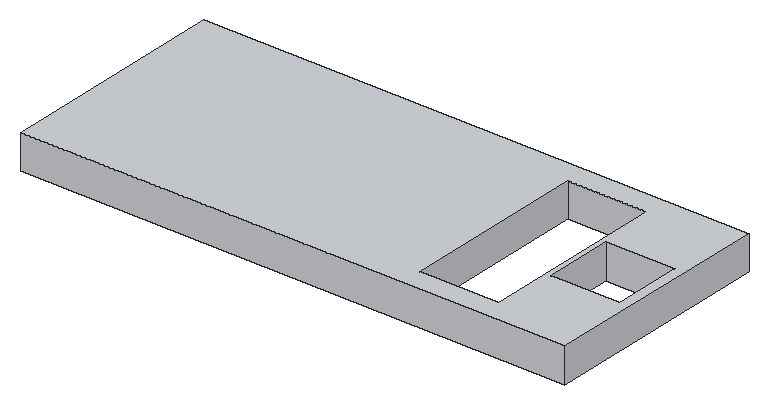
Revit family "G805-002 CAB50A", category Mechanical Equipment, Revit 2012
Parameters (values of type "8 TON")
  URL = "http://desert-aire.com/"
  Type Comments = "NON PACKAGED"
  Outdoor Unit = yes
  Model = "G805-002"
  Manufacturer = "DESERT AIRE"
  Description = "DOWN FLOW UNIT"
  Curb Height = 0' - 8"
  Cost = 0
Reference planes (in)
  plane 1: y = 0
  plane 2: z = 0
  plane 3: x = 0
  plane 4: z = 8
  plane 5: z = 69.925
  plane 6: z = 35.71438
Forms (in)
  Extrusion 1, solid
    sketch origin (0, 0, 0) x (1, 0, 0) y (0, 1, 0)
      loop
        line (-42.67228, 26.44436) -> (-42.67228, -26.68064) -> (83.82772, -26.68064) -> (83.82772, 26.44436) -> (-42.67228, 26.44436)
      loop
        line (46.0582, -21.60363) -> (64.39022, -21.60363) -> (64.39022, 21.39637) -> (46.0582, 21.39637) -> (46.0582, -21.60363)
      loop
        line (81.63904, -8.10363) -> (81.63904, 7.89637) -> (65.62237, 7.89637) -> (65.62237, -8.10363) -> (81.63904, -8.10363)
    from 0 to 8
Dimensions and locks (in)
  "Curb Height": plane 4 to plane 2
  locked: plane 5 to plane 4 at 61.925
  locked: plane 5 to plane 6 at 34.21062
  aligned and locked: plane 4 to Extrusion 1
  aligned and locked: plane 4 to import instance
  aligned and locked: plane 5 to import instance
  aligned and locked: plane 6 to import instance
  aligned and locked: import instance to import instance  (x2)
Automatic sketch dimensions
  Extrusion 1 sketch curve to plane 3 = 3' - 6.67228"
  plane 3 to Extrusion 1 sketch curve = 3' - 10.0582"
  Extrusion 1 sketch curve to Extrusion 1 sketch curve = 1' - 6 85/256"
  Extrusion 1 sketch curve to Extrusion 1 sketch curve = 0' - 1.23215"
  Extrusion 1 sketch curve to Extrusion 1 sketch curve = 1' - 4.01666"
  Extrusion 1 sketch curve to Extrusion 1 sketch curve = 0' - 2.18869"
  plane 1 to Extrusion 1 sketch curve = 2' - 2.68064"
  plane 1 to Extrusion 1 sketch curve = 1' - 9.60363"
  plane 1 to Extrusion 1 sketch curve = 0' - 8.10363"
  Extrusion 1 sketch curve to plane 1 = 0' - 7.89637"
  Extrusion 1 sketch curve to plane 1 = 1' - 9.39637"
  Extrusion 1 sketch curve to plane 1 = 2' - 2.44436"
Connectors (in)
  piping at (5.58395, 0.13787, 0)
    settings: on Extrusion 1, index 7, connector radius 1/2", flow factor 0, pipe flow 0 GPM, pressure drop 0.00 psi, fitting loss kfactor 0, connector angle 0.00°, fixture units 0, engagement length 0' - 0", flow configuration 0, flow direction 0, fitting loss method 0, system type 22, joint type 0, gender type 0, connector reference index -1, connector utility 0, adjustable connector no, is connector primary yes, fitting loss table "", connector description "BOTTOM CONDENSATE"
  electrical at (88.41902, -25.00678, 64.14815)
    settings: on import instance, index 38, voltage 0 V, apparent load 0 VA, apparent load phase1 0 VA, apparent load phase2 0 VA, apparent load phase3 0 VA, power factor 1, load classification "Other", number of poles 1, system type 30, power factor state 1, is connector primary yes, connector utility no, sub classification motor no, connector description "OPTIONAL DISCONNECT LOCATION"
  piping at (19.98976, -30.66363, 13.11463)
    settings: on import instance, index 39, connector radius 1/2", flow factor 0, pipe flow 0 GPM, pressure drop 0.00 psi, fitting loss kfactor 0, connector angle 0.00°, fixture units 0, engagement length 0' - 0", flow configuration 0, flow direction 0, fitting loss method 0, system type 22, joint type 0, gender type 0, connector reference index -1, connector utility 0, adjustable connector no, is connector primary no, fitting loss table "", connector description "LEFT SIDE CONDENSATE"
  piping at (42.88838, -30.66363, 13.11463)
    settings: on import instance, index 40, connector radius 7/16", flow factor 0, pipe flow 0 GPM, pressure drop 0.00 psi, fitting loss kfactor 0, connector angle 0.00°, fixture units 0, engagement length 0' - 0", flow configuration 0, flow direction 0, fitting loss method 0, system type 7, joint type 0, gender type 0, connector reference index -1, connector utility 0, adjustable connector no, is connector primary no, fitting loss table "", connector description "LEFT SIDE RC DISCHARGE CONNECTION LOCATION"
  piping at (42.88838, -30.66363, 15.11463)
    settings: on import instance, index 41, connector radius 5/16", flow factor 0, pipe flow 0 GPM, pressure drop 0.00 psi, fitting loss kfactor 0, connector angle 0.00°, fixture units 0, engagement length 0' - 0", flow configuration 0, flow direction 0, fitting loss method 0, system type 8, joint type 0, gender type 0, connector reference index -1, connector utility 0, adjustable connector no, is connector primary no, fitting loss table "", connector description "LEFT SIDE RC RETURN CONNECTION LOCATION"
  piping at (42.88838, -30.66363, 21.11463)
    settings: on import instance, index 42, connector radius 11/16", flow factor 0, pipe flow 0 GPM, pressure drop 0.00 psi, fitting loss kfactor 0, connector angle 0.00°, fixture units 0, engagement length 0' - 0", flow configuration 0, flow direction 0, fitting loss method 0, system type 20, joint type 0, gender type 0, connector reference index -1, connector utility 0, adjustable connector no, is connector primary no, fitting loss table "", connector description "LEFT SIDE WATER INLET CONNECTION LOCATION"
  piping at (42.88838, -30.66363, 23.11463)
    settings: on import instance, index 43, connector radius 11/16", flow factor 0, pipe flow 0 GPM, pressure drop 0.00 psi, fitting loss kfactor 0, connector angle 0.00°, fixture units 0, engagement length 0' - 0", flow configuration 0, flow direction 0, fitting loss method 0, system type 20, joint type 0, gender type 0, connector reference index -1, connector utility 0, adjustable connector no, is connector primary no, fitting loss table "", connector description "LEFT SIDE WATER OUTLET CONNECTION LOCATION"
  piping at (19.97705, 30.45637, 13.07931)
    settings: on import instance, index 44, connector radius 1/2", flow factor 0, pipe flow 0 GPM, pressure drop 0.00 psi, fitting loss kfactor 0, connector angle 0.00°, fixture units 0, engagement length 0' - 0", flow configuration 0, flow direction 0, fitting loss method 0, system type 22, joint type 0, gender type 0, connector reference index -1, connector utility 0, adjustable connector no, is connector primary no, fitting loss table "", connector description "RIGHT SIDE CONDENSATE"
  piping at (42.86093, 30.45637, 13.17189)
    settings: on import instance, index 45, connector radius 7/16", flow factor 0, pipe flow 0 GPM, pressure drop 0.00 psi, fitting loss kfactor 0, connector angle 0.00°, fixture units 0, engagement length 0' - 0", flow configuration 0, flow direction 0, fitting loss method 0, system type 7, joint type 0, gender type 0, connector reference index -1, connector utility 0, adjustable connector no, is connector primary no, fitting loss table "", connector description "RIGHT SIDE RC DISCHARGE CONNECTION LOCATION"
  piping at (42.86093, 30.45637, 15.09646)
    settings: on import instance, index 46, connector radius 5/16", flow factor 0, pipe flow 0 GPM, pressure drop 0.00 psi, fitting loss kfactor 0, connector angle 0.00°, fixture units 0, engagement length 0' - 0", flow configuration 0, flow direction 0, fitting loss method 0, system type 8, joint type 0, gender type 0, connector reference index -1, connector utility 0, adjustable connector no, is connector primary no, fitting loss table "", connector description "RIGHT SIDE RC RETURN CONNECTION LOCATION"
  piping at (42.86093, 30.45637, 21.09646)
    settings: on import instance, index 47, connector radius 11/16", flow factor 0, pipe flow 0 GPM, pressure drop 0.00 psi, fitting loss kfactor 0, connector angle 0.00°, fixture units 0, engagement length 0' - 0", flow configuration 0, flow direction 0, fitting loss method 0, system type 20, joint type 0, gender type 0, connector reference index -1, connector utility 0, adjustable connector no, is connector primary no, fitting loss table "", connector description "RIGHT SIDE WATER INLET CONNECTION LOCATION"
  piping at (42.86093, 30.45637, 23.09646)
    settings: on import instance, index 48, connector radius 11/16", flow factor 0, pipe flow 0 GPM, pressure drop 0.00 psi, fitting loss kfactor 0, connector angle 0.00°, fixture units 0, engagement length 0' - 0", flow configuration 0, flow direction 0, fitting loss method 0, system type 20, joint type 0, gender type 0, connector reference index -1, connector utility 0, adjustable connector no, is connector primary no, fitting loss table "", connector description "RIGHT SIDE WATER OUTLET CONNECTION LOCATION"
  hvac at (-48.67163, -0.12972, 57.2392)
    settings: on import instance, index 49, duct flow 0 CFM, flow factor 0, pres drop 0.00 in-wg, loss coef 0, conn angle 0.00°, conn width 49 7/8", conn height 23 7/8", conn radius 12", duct sys type 3, conn prof type 1, flow config 0, flow direction 0, loss method 0, conn ref index -1, conn util no, is conn primary yes, conn desc "O/A INTAKE"
  hvac at (-48.67163, -0.16701, 22.2004)
    settings: on import instance, index 50, duct flow 0 CFM, flow factor 0, pres drop 0.00 in-wg, loss coef 0, conn angle 0.00°, conn width 15 3/4", conn height 16", conn radius 12", duct sys type 3, conn prof type 1, flow config 0, flow direction 0, loss method 0, conn ref index -1, conn util no, is conn primary no, conn desc "EXHAUST DISCHARGE"
  hvac at (73.66397, 0.0159, 12.5)
    settings: on import instance, index 51, duct flow 0 CFM, flow factor 0, pres drop 0.00 in-wg, loss coef 0, conn angle 0.00°, conn width 15 3/4", conn height 16", conn radius 12", duct sys type 1, conn prof type 1, flow config 0, flow direction 0, loss method 0, conn ref index -1, conn util no, is conn primary no, conn desc "SUPPLY DISCHARGE"
  hvac at (55.07157, 0.00008, 12.5)
    settings: on import instance, index 52, duct flow 0 CFM, flow factor 0, pres drop 0.00 in-wg, loss coef 0, conn angle 0.00°, conn width 43", conn height 18", conn radius 12", duct sys type 2, conn prof type 1, flow config 0, flow direction 0, loss method 0, conn ref index -1, conn util no, is conn primary no, conn desc "RETURN INTAKE"
